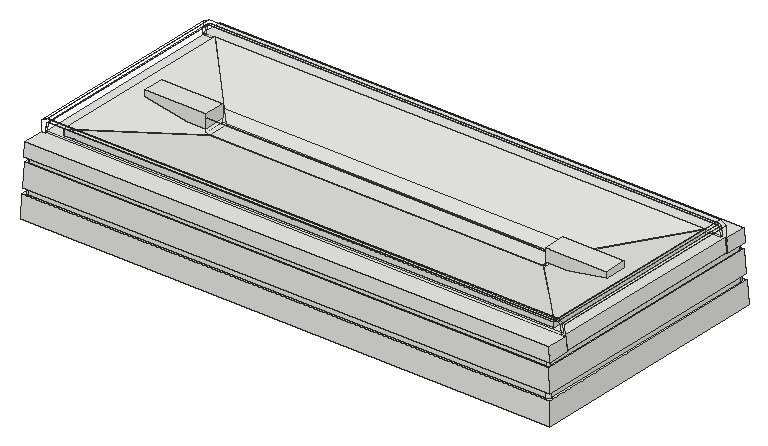
Revit family "Lighting_Emergency&Security_Linergy_Prodigy-xl", category Lighting Fixtures, host Face, Revit 2018
Family settings
  Host = Face
  Round Connector Dimension = Use Diameter
  Part Type = Normal
  OmniClass Number = 23.35.47.13
  OmniClass Title = Emergency Lighting
  Cut with Voids When Loaded = No
  Light Source = Yes
  Shared = No
  Room Calculation Point = No
Parameters (values of type "Default - please load Revit Family Type Catalog")
  Wattage = 0.2 W
  built-in parameter 1150110 = 1 (stored number, unit not read)
  Voltage = 230 V
  URL - Photometric file (ldt) = "https://www.linergy.it/en/article/PX1101/fotometrico/"
  URL - Article page = "https://www.linergy.it/en/article/PX1101/"
  URL = "https://www.linergy.it/en/product/prodigy-xl"
  built-in parameter 1114217 = 1 (stored number, unit not read)
  Tilt Angle = -90.00°
  built-in parameter 1150109 = 1 (stored number, unit not read)
  built-in parameter 1150134 = 5
  Technical description = "https://www.linergy.it/en/product/prodigy-xl/"
  built-in parameter 1150113 = 1 (stored number, unit not read)
  QR code = "https://bimobject.com/linergy/product/prodigy-xl"
  Protection degree = "IP42"
  Product url = "https://www.linergy.it/en/product/prodigy-xl/"
  Product name = "PRODIGY XL - Emergency lighting luminaire"
  Product group = "Emergency luminaires"
  Product family = "Emergency luminaires"
  Product data url = "https://bimobject.com/linergy/product/prodigy-xl"
  Product certification = "https://www.linergy.it/en/product/prodigy-xl/"
  Product SKU = "prodigy-xl"
  Product Guid = "4978e53f-75af-4075-8380-6b7ea5a2fd29"
  Power supply = "230 Vac"
  Photometric Web File = "generic"
  OmniClass Description = "Emergency Lighting"
  OmniClass Code = "23-35 47 13"
  Number of Poles = 1
  built-in parameter 1150142 = (empty or 0)
  Model = "PX1101"
  Material secondary = "Electronic & optical components"
  Material main = "PC/ABS "
  Manufacturer name = "Linergy"
  Manufacturer country = "Italy"
  Manufacturer = "Linergy"
  Main material = Linergy - Plastic - Polycarbonate White RAL 9003 polished
  built-in parameter 1150105 = 18.701 (stored number, unit not read)
  Lumens = 235 lm
  built-in parameter 1150115 = 1 (stored number, unit not read)
  built-in parameter 1150137 = (empty or 0)
  built-in parameter 1150139 = (empty or 0)
  Lamp type = "N/M"
  built-in parameter 1150112 = 1 (stored number, unit not read)
  built-in parameter 1150114 = 1 (stored number, unit not read)
  Insulation class = "II"
  Installation instructions = "https://www.linergy.it/en/product/prodigy-xl/"
  Input power = 0.2 W
  built-in parameter 1150132 = (empty or 0)
  built-in parameter 1150102 = (empty or 0)
  built-in parameter 1150107 = 6000 (stored number, unit not read)
  built-in parameter 1150138 = (empty or 0)
  built-in parameter 1150106 = 0.18701 (stored number, unit not read)
  IFC Classification = "Light Fixture"
  Function = "Inhibit"
  Flux N/M = 235 lm
  Flux M = 0 lm
  built-in parameter 1150104 = 109.16 (stored number, unit not read)
  Edition number = 1
  Duration = "1 h"
  Dimming Lamp Color Temperature Shift = <None>
  Design country = "Italy"
  Default Elevation = 1219.20 mm
  Cover material = Linergy - Plastic - Polycarbonate Transparent high polished
  Color Filter = 16777215
  Battery = "Li-FePO4 6,4V 0,55Ah"
  Base material [instance] = Base colour : White RAL 9003
  built-in parameter 1114218 = 1 (stored number, unit not read)
  BIMobject category = "Emergency & Security"
  built-in parameter 1150133 = 10 (stored number, unit not read)
  Apparent Load Phase 3 = 0 VA
  Apparent Load Phase 2 = 0 VA
  Apparent Load = 0 VA
Reference planes
  plane 1 "Center (Front/Back)": y = 0
  plane 2: z = 0
  plane 3 "Center (Left/Right)": x = 0
  plane 4: x = 0
Forms (mm)
  Extrusion 1, solid, material "Linergy - Plastic - Polycarbonate White RAL 9003 polished" <- "Main material", detail levels fine
    sketch origin (0, 0, 14.6) x (1, 0, 0) y (0, 1, 0)
      loop
        line (-141.23, 54.23) -> (-141.23, -54.23) -> (-95.81, -5.863) -> (-95.81, 5.863) -> (-141.23, 54.23)
      loop
        line (141.23, 54.23) -> (95.81, 5.863) -> (95.81, -5.863) -> (141.23, -54.23) -> (141.23, 54.23)
    from 20 to 30
  Extrusion 2, solid, material "Linergy - Plastic - Polycarbonate White RAL 9003 polished" <- "Main material"
    sketch origin (0, 0, 14.6) x (1, 0, 0) y (0, 1, 0)
      loop
        line (-133.15, 6) -> (-133.15, -6) -> (-98, -6) -> (-98, 6) -> (-133.15, 6)
    from 22.65 to 30
  Extrusion 3, solid, material "Linergy - Plastic - Polycarbonate Transparent high polished" <- "Cover material", detail levels fine
    sketch origin (0, 0, 14.6) x (1, 0, 0) y (0, 0, 1)
      loop
        line (-151.511, 17.7) -> (-149.511, 17.7) -> (-148.034, 30.661) -> (-146.658, 31.4) -> (146.658, 31.4) -> (148.034, 30.661) -> (149.511, 17.7) -> (151.511, 17.7) -> (150.591, 31.33) -> (147.111, 33.2) -> (-147.111, 33.2) -> (-150.591, 31.33) -> (-151.511, 17.7)
    from -58.1 to 58.1
  Extrusion 4, solid, material "Linergy - Plastic - Polycarbonate Transparent high polished" <- "Cover material", detail levels fine
    sketch origin (0, 0, 14.6) x (1, 0, 0) y (0, 0, 1)
      loop
        line (-148.656, 25.2) -> (148.656, 25.2) -> (148.034, 30.661) -> (146.658, 31.4) -> (-146.658, 31.4) -> (-148.034, 30.661) -> (-148.656, 25.2)
    from -58.1 to -56.3
  Extrusion 5, solid, material "Linergy - Plastic - Polycarbonate Transparent high polished" <- "Cover material", detail levels fine
    sketch origin (0, 0, 14.6) x (1, 0, 0) y (0, 0, -1)
      loop
        line (-148.656, -25.2) -> (-148.034, -30.661) -> (-146.658, -31.4) -> (146.658, -31.4) -> (148.034, -30.661) -> (148.656, -25.2) -> (-148.656, -25.2)
    from -58.1 to -56.3
  Extrusion 6, solid, material "Linergy - Plastic - Polycarbonate White RAL 9003 polished" <- "Main material", detail levels fine
    sketch origin (0, 0, 14.6) x (1, 0, 0) y (0, 1, 0)
      loop
        line (-95.81, 6) -> (-95.81, -6) -> (95.81, -6) -> (95.81, 6) -> (-95.81, 6)
    from 18.8 to 20
  Extrusion 7, solid, material "Linergy - Plastic - Polycarbonate White RAL 9003 polished" <- "Main material"
    sketch origin (0, 0, 14.6) x (-1, 0, 0) y (0, -1, 0)
      loop
        line (-133.15, -6) -> (-98, -6) -> (-98, 6) -> (-133.15, 6) -> (-133.15, -6)
    from 22.65 to 30
  Extrusion 8, solid, material "Linergy - Plastic - Polycarbonate Transparent high polished" <- "Cover material"
    sketch origin (-140, 0, 14.6) x (-1, 0, 0) y (0, -1, 0)
      loop
        line (-238, -6) -> (-42, -6) -> (-42, 6) -> (-238, 6) -> (-238, -6)
    from 20 to 28
  Extrusion 9, void
    sketch origin (0, 0, 0) x (1, 0, 0) y (0, 0, 1)
      loop
        line (-95.81, 34.6) -> (95.81, 34.6) -> (141.697, 42.975) -> (141.697, 45.6) -> (-141.697, 45.6) -> (-141.697, 42.975) -> (-95.81, 34.6)
    from -54.355 to 54.355
  Extrusion 10, solid, material "Linergy - Plastic - Polycarbonate White RAL 9003 polished" <- "Main material", detail levels fine
    sketch origin (0, 0, 14.6) x (0, -1, 0) y (1, 0, 0)
      loop
        line (-5.863, -95.81) -> (-5.863, 95.81) -> (-54.355, 141.347) -> (-54.355, -141.347) -> (-5.863, -95.81)
      loop
        line (5.863, -95.81) -> (54.355, -141.347) -> (54.355, 141.347) -> (5.863, 95.81) -> (5.863, -95.81)
    from 20 to 30
  Extrusion 11, void
    sketch origin (178.542, 228.523, 0) x (0, 1, 0) y (0, 0, 1)
      loop
        line (-283.683, 43.049) -> (-234.386, 34.6) -> (-222.661, 34.6) -> (-173.556, 43.016) -> (-173.556, 49.134) -> (-283.683, 49.134) -> (-283.683, 43.049)
    from -324.09 to -33.289
  Extrusion 12, solid, material "Linergy - Plastic - Polycarbonate Transparent high polished" <- "Cover material", detail levels coarse+medium
    sketch origin (0, 0, 0) x (1, 0, 0) y (0, 0, 1)
      loop
        line (-150.591, 45.93) -> (-151.005, 39.8) -> (151.005, 39.8) -> (150.591, 45.93) -> (147.111, 47.8) -> (-147.111, 47.8) -> (-150.591, 45.93)
    from -58.1 to 58.1
Cuts and joins
  Extrusion 9 cuts Extrusion 1
  Extrusion 11 cuts Extrusion 10
Dimensions and locks
  aligned and locked: plane 2 to host face
  aligned and locked: level to host face
Nested families
  nested 1: "Masking region" at (0, 0, 0) x (1, 0, 0) z (0, -1, 0), type "Masking region"
  nested 2: "Base colour" at (0, 0, 0), type <- "Base material", type "White RAL 9003"
Connectors
  electrical at (0, 4.01, 0), driven by "Number of Poles", driven by "Voltage", driven by "Apparent Load"
    settings: index 1, voltage 230 V, apparent load 0 VA, apparent load phase1 0 VA, apparent load phase2 0 VA, apparent load phase3 0 VA, power factor 1, load classification "Lighting", number of poles 1, system type 31, power factor state 1, is connector primary yes, connector utility no, sub classification motor no, connector description "Power input"
Definition of nested family "Base colour"
  Parameters (values of type "Yellow")
    Main material = none
  Types (11): name
    White RAL 9003
    Black
    Blue
    Light Blue
    Brown
    Green
    Grey
    Orange
    Red
    Violet
    Yellow
  Reference planes
    plane 1 "Center (Front/Back)": y = 0
    plane 2: z = 0
    plane 3 "Center (Left/Right)": x = 0
  Forms (mm)
    Extrusion 1, solid, material <- "Main material", detail levels fine
      sketch origin (0, 0, 0) x (1, 0, 0) y (0, 1, 0)
        loop
          line (-150.921, 67.921) -> (-150.921, -67.921)
          arc (-150.921, -67.921) -> (-150.335, -69.335) -> (-148.921, -69.921) r 2
          line (-148.921, -69.921) -> (148.921, -69.921)
          arc (148.921, -69.921) -> (150.335, -69.335) -> (150.921, -67.921) r 2
          line (150.921, -67.921) -> (150.921, 67.921)
          arc (150.921, 67.921) -> (150.335, 69.335) -> (148.921, 69.921) r 2
          line (148.921, 69.921) -> (-148.921, 69.921)
          arc (-148.921, 69.921) -> (-150.335, 69.335) -> (-150.921, 67.921) r 2
      from 13.15 to 16.15
    Blend 2, solid, material <- "Main material", detail levels fine
      base sketch origin (0, 0, 0) x (1, 0, 0) y (0, 1, 0)
        loop
          line (-152.5, 71.5) -> (-152.5, -71.5) -> (152.5, -71.5) -> (152.5, 71.5) -> (-152.5, 71.5)
      top sketch origin (0, 0, 0) x (1, 0, 0) y (0, 1, 0)
        loop
          line (-151.921, 70.921) -> (-151.921, -70.921) -> (151.921, -70.921) -> (151.921, 70.921) -> (-151.921, 70.921)
      from 0 to 13.15
    Sweep 3, solid, material <- "Main material", detail levels fine
      path origin (0, 0, 14.6) x (1, 0, 0) y (0, 1, 0)
        loop
          line (-120.5, 39.5) -> (-120.5, -39.5) -> (120.5, -39.5) -> (120.5, 39.5) -> (-120.5, 39.5)
      profile origin (0, 39.5, 14.6) x (0, 1, 0) y (0, 0, 1)
        loop
          line (31.011, 17.7) -> (30.505, 25.2) -> (14.855, 25.2) -> (14.855, 17.7) -> (31.011, 17.7)
    Extrusion 4, void
      sketch origin (0, 0, 14.6) x (1, 0, 0) y (0, 0, 1)
        loop
          line (-152.5, 25.2) -> (-152.5, 17.7) -> (-150.5, 17.7) -> (-149.645, 25.2) -> (-152.5, 25.2)
        loop
          line (152.5, 25.2) -> (149.645, 25.2) -> (150.5, 17.7) -> (152.5, 17.7) -> (152.5, 25.2)
      from -58.1 to 58.1
    Extrusion 5, solid, material <- "Main material", detail levels fine
      sketch origin (0, 0, 16.15) x (1, 0, 0) y (0, 1, 0)
        loop
          line (-150.191, 67.921) -> (-150.191, -67.921)
          arc (-150.191, -67.921) -> (-149.819, -68.819) -> (-148.921, -69.191) r 1.27
          line (-148.921, -69.191) -> (148.921, -69.191)
          arc (148.921, -69.191) -> (149.819, -68.819) -> (150.191, -67.921) r 1.27
          line (150.191, -67.921) -> (150.191, 67.921)
          arc (150.191, 67.921) -> (149.819, 68.819) -> (148.921, 69.191) r 1.27
          line (148.921, 69.191) -> (-148.921, 69.191)
          arc (-148.921, 69.191) -> (-149.819, 68.819) -> (-150.191, 67.921) r 1.27
      from 13.15 to 16.15
    Blend 6, solid, material <- "Main material", detail levels fine
      base sketch origin (0, 0, 16.15) x (1, 0, 0) y (0, 1, 0)
        loop
          line (-151.77, 70.77) -> (-151.77, -70.77) -> (151.77, -70.77) -> (151.77, 70.77) -> (-151.77, 70.77)
      top sketch origin (0, 0, 16.15) x (1, 0, 0) y (0, 1, 0)
        loop
          line (-151.191, 70.191) -> (-151.191, -70.191) -> (151.191, -70.191) -> (151.191, 70.191) -> (-151.191, 70.191)
      from 0 to 13.15
    Blend 7, solid, material <- "Main material", detail levels coarse+medium
      base sketch origin (0, 0, 0) x (1, 0, 0) y (0, 1, 0)
        loop
          line (-152.5, 71.5) -> (-152.5, -71.5) -> (152.5, -71.5) -> (152.5, 71.5) -> (-152.5, 71.5)
      top sketch origin (0, 0, 0) x (1, 0, 0) y (0, 1, 0)
        loop
          line (151.005, -70.005) -> (151.005, 70.005) -> (-151.005, 70.005) -> (-151.005, -70.005) -> (151.005, -70.005)
      from 0 to 39.8
  Cuts and joins
    Extrusion 4 cuts Sweep 3
  Dimensions and locks
    aligned and locked: level to plane 2
Definition of nested family "Masking region"
  Reference planes
    plane 1 "Center (Front/Back)": y = 0
    plane 2: z = 0
    plane 3 "Center (Left/Right)": x = 0
  Lines and regions (mm)
    Masking region 1, in view "Ref. Level", detail levels fine
      outline origin (0, 0, 0) x (1, 0, 0) y (0, 1, 0)
        loop
          line (-150.591, 45.93) -> (-151.511, 32.3) -> (-150.191, 32.3) -> (-150.191, 29.3) -> (-151.191, 29.3) -> (-151.77, 16.15) -> (-150.921, 16.15) -> (-150.921, 13.15) -> (-151.921, 13.15) -> (-152.5, 0) -> (152.5, 0) -> (151.921, 13.15) -> (150.921, 13.15) -> (150.921, 16.15) -> (151.77, 16.15) -> (151.191, 29.3) -> (150.191, 29.3) -> (150.191, 32.3) -> (151.511, 32.3) -> (150.591, 45.93) -> (147.111, 47.8) -> (-147.111, 47.8) -> (-150.591, 45.93)
    Masking region 2, in view "Ref. Level", detail levels coarse+medium
      outline origin (0, 0, 0) x (1, 0, 0) y (0, 1, 0)
        loop
          line (-152.5, 0) -> (152.5, 0) -> (152.5, 47.8) -> (-152.5, 47.8) -> (-152.5, 0)
    detail lines, in view "Ref. Level"
      curve 1: line (-152.5, 0, 0) -> (-151.921, 13.15, 0)
      curve 2: line (-151.921, 13.15, 0) -> (-150.921, 13.15, 0)
      curve 3: line (-150.921, 13.15, 0) -> (-150.921, 16.15, 0)
      curve 4: line (-150.921, 16.15, 0) -> (-151.77, 16.15, 0)
      curve 5: line (-151.77, 16.15, 0) -> (-151.191, 29.3, 0)
      curve 6: line (-151.191, 29.3, 0) -> (-150.191, 29.3, 0)
      curve 7: line (-150.191, 29.3, 0) -> (-150.191, 32.3, 0)
      curve 8: line (-150.191, 32.3, 0) -> (-151.511, 32.3, 0)
      curve 9: line (-151.511, 32.3, 0) -> (-150.591, 45.93, 0)
      curve 10: line (-150.591, 45.93, 0) -> (-147.111, 47.8, 0)
      curve 11: line (-147.111, 47.8, 0) -> (147.111, 47.8, 0)
      curve 12: line (147.111, 47.8, 0) -> (150.591, 45.93, 0)
      curve 13: line (150.591, 45.93, 0) -> (151.511, 32.3, 0)
      curve 14: line (151.511, 32.3, 0) -> (150.191, 32.3, 0)
      curve 15: line (150.191, 32.3, 0) -> (150.191, 29.3, 0)
      curve 16: line (150.191, 29.3, 0) -> (151.191, 29.3, 0)
      curve 17: line (151.191, 29.3, 0) -> (151.77, 16.15, 0)
      curve 18: line (151.77, 16.15, 0) -> (150.921, 16.15, 0)
      curve 19: line (150.921, 16.15, 0) -> (150.921, 13.15, 0)
      curve 20: line (150.921, 13.15, 0) -> (151.921, 13.15, 0)
      curve 21: line (151.921, 13.15, 0) -> (152.5, 0, 0)
      curve 22: line (152.5, 0, 0) -> (-152.5, 0, 0)
    detail lines, in view "Ref. Level", detail levels fine
      curve 23: line (-151.005, 39.8, 0) -> (151.005, 39.8, 0)
      curve 24: line (150.191, 32.3, 0) -> (-150.191, 32.3, 0)
      curve 25: line (-150.191, 29.3, 0) -> (150.191, 29.3, 0)
      curve 26: line (150.921, 16.15, 0) -> (-150.921, 16.15, 0)
      curve 27: line (-150.921, 13.15, 0) -> (150.921, 13.15, 0)
    detail lines, in view "Ref. Level", detail levels coarse+medium
      curve 28: line (-152.5, 39.8, 0) -> (152.5, 39.8, 0)
